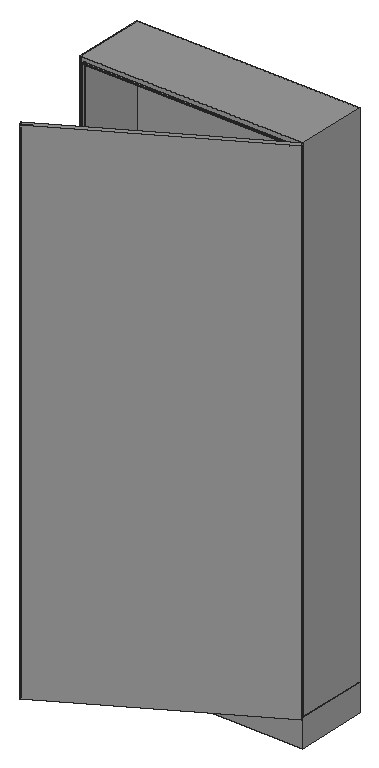
Revit family "Hager-Univers-IP55-D275-H1950-Cl.II-Steel_encl-NoHosted-PT-pt", category Electrical Equipment, Revit 2020
Family settings
  Panel Configuration = Two Columns, Circuits Across
  Round Connector Dimension = Use Diameter
  Part Type = Panelboard
  Work Plane-Based = Yes
  Always vertical = Yes
  Cut with Voids When Loaded = No
  Shared = No
  Room Calculation Point = No
Parameters (values of type "Instalação de piso IP55 L800 A1950 P275  - FR23S1")
  Width Control [instance] = if([EF000008 - Largura] > Min Width, [EF000008 - Largura], Min Width)  # 800 mm
  Type Comments = [HG000003 - Gama]  # "Univers"
  Thickness Door [instance] = if([EF009171 - Espessura do material da porta/tampa] > 3 mm, 3 mm, [EF009171 - Espessura do material da porta/tampa])  # 1.5 mm
  Seal Frame Offset [instance] = 17 mm  # constant formula
  Plinth Visibility [instance] = [HG000027 - Altura da Plinta] > 0 mm  # yes
  Min Width [instance] = 100 mm  # constant formula
  Min Depth [instance] = (2 * [EF009170 - Espessura do material do invólucro]) + 1 mm  # 4 mm
  Min Height [instance] = 100 mm  # constant formula
  Internal Frame Depth [instance] = (Door System Depth * 0.5)  # 9 mm
  Panel Name [instance] = ""  # (empty or 0)
  Model = ""
  HG000027 - Altura da Plinta = 100 mm
  HG000026 - Instalação no chão = yes
  HG000024 - Altura da secção inferior = 600 mm
  HG000023 - Recinto de secção dupla = no
  HG000016 - Visibilidade da porta 3D [instance] = yes
  HG000015 - Visibilidade através da porta [instance] = no
  HG000014 - Porta à direita [instance] = yes
  HG000013 - Porta à esquerda [instance] = not([HG000014 - Porta à direita])  # no
  HG000012 - Ângulo de abertura de porta [instance] = 30.00°
  HG000010 - Portas assimétricas = no
  HG000009 - Porta dupla = no
  HG000006 - Encastrado = no
  HG000004 - Referência do Fabricante = "FR23S1"
  HG000003 - Gama = "Univers"
  HG000002 - Com porta ou tampa = yes
  Frame Offset Bottom [instance] = 10 mm  # constant formula
  Frame Offset [instance] = 15 mm  # constant formula
  EF015940 - Tampa com libertação de sobrepressão = no
  EF011959 - Grau de proteção (NEMA) = ""
  EF009554 - Número de aberturas para placas de flange = 6
  EF009212 - Tipo de tampa = "EV000116 - Fechado"
  EF009171 - Espessura do material da porta/tampa = 1.5 mm
  EF009170 - Espessura do material do invólucro = 1.5 mm
  EF008873 - Corrente nominal (In) = 800 A
  EF007800 - Adequado para proteção contra raios = no
  EF006306 - Com fecho = no
  EF006244 - Tampa/porta transparente = no
  EF005474 - Grau de proteção (IP) = "EV006420 - IP55"
  EF004464 - Tipo de porta = "EV002646 - Único"
  EF004427 - Número de módulos = 432
  EF004293 - Força de impacto = "EV008784 - IK10"
  EF003532 - Adequado para uso no exterior = no
  EF002950 - Largura em número de módulos = 24
  EF001613 - Integridade do circuito = "EV000494 - Nenhum"
  EF001596 - Material do corpo = "EV000179 - Aço"
  EF001131 - Profundidade interior = 275 mm
  EF001088 - Extensão possível = yes
  EF000437 - Número de entradas de condutores = 6
  EF000339 - Tipo de difusor = "EV004216 - Porta"
  EF000266 - Número de linhas = 12
  EF000218 - Profundidade incorporada = 0 mm
  EF000118 - Com tampa de montagem = no
  EF000116 - Número RAL = "7035"
  EF000049 - Profundidade = 275 mm
  EF000040 - Altura = 1950 mm
  EF000008 - Largura = 800 mm
  EF000007 - Cor = "EV000270 - Cinzento"
  EF000003 - Método de montagem = "EV012274 - Instalação de piso"
  Door System Leaf Tolerance [instance] = 1.5 mm  # constant formula
  Door System Depth [instance] = 18 mm  # constant formula
  Door Height [instance] = Height Control - [HG000027 - Altura da Plinta]  # 1850 mm
  Description = ""
  Default Elevation = 1219.2 mm
  Connector Offset [instance] = Height Control / 2  # 975 mm
  Manufacturer = "Hager"  # constant formula
  Height Control [instance] = if([EF000040 - Altura] > Min Height, [EF000040 - Altura], Min Height)  # 1950 mm
  Depth Control [instance] = if([EF000049 - Profundidade] > Min Depth, [EF000049 - Profundidade], Min Depth)  # 275 mm
  Bottom Top Plate Trim [instance] = 1.5 mm  # constant formula
  Plinth height Ctrl [instance] = if([HG000027 - Altura da Plinta] > 0 mm, [HG000027 - Altura da Plinta], 12 mm)  # 100 mm
Types (11, lengths in mm): name | Width Control | HG000010 - Portas assimétricas | HG000009 - Porta dupla | HG000004 - Referência do Fabricante | EF009554 - Número de aberturas para placas de flange | EF006244 - Tampa/porta transparente | EF004464 - Tipo de porta | EF004427 - Número de módulos | EF000437 - Número de entradas de condutores | EF000008 - Largura
  Instalação de piso IP55 L1050 A1950 P275  - FR24L1 | 1050 | yes | yes | "FR24L1" | 8 | yes | "EV003602 - Duplo" | 576 | 8 | 1050
  Instalação de piso IP55 L1050 A1950 P275  - FR24S1 | 1050 | yes | yes | "FR24S1" | 8 | no | "EV003602 - Duplo" | 576 | 8 | 1050
  Instalação de piso IP55 L1300 A1950 P275  - FR25L1 | 1300 | yes | yes | "FR25L1" | 10 | yes | "EV003602 - Duplo" | 720 | 10 | 1300
  Instalação de piso IP55 L1300 A1950 P275  - FR25S1 | 1300 | yes | yes | "FR25S1" | 10 | no | "EV003602 - Duplo" | 720 | 10 | 1300
  Instalação de piso IP55 L1550 A1950 P275  - FR26L1 | 1550 | yes | yes | "FR26L1" | 12 | yes | "EV003602 - Duplo" | 864 | 12 | 1550
  Instalação de piso IP55 L1550 A1950 P275  - FR26S1 | 1550 | yes | yes | "FR26S1" | 12 | no | "EV003602 - Duplo" | 864 | 12 | 1550
  Instalação de piso IP55 L300 A1950 P275  - FR21S1 | 300 | no | no | "FR21S1" | 2 | no | "EV002646 - Único" | 144 | 2 | 300
  Instalação de piso IP55 L550 A1950 P275  - FR22L1 | 550 | no | no | "FR22L1" | 4 | yes | "EV002646 - Único" | 288 | 4 | 550
  Instalação de piso IP55 L550 A1950 P275  - FR22S1 | 550 | no | no | "FR22S1" | 4 | no | "EV002646 - Único" | 288 | 4 | 550
  Instalação de piso IP55 L800 A1950 P275  - FR23L1 | 800 | no | no | "FR23L1" | 6 | yes | "EV002646 - Único" | 432 | 6 | 800
  Instalação de piso IP55 L800 A1950 P275  - FR23S1 | 800 | no | no | "FR23S1" | 6 | no | "EV002646 - Único" | 432 | 6 | 800
Reference planes
  plane 1 "Center (Front/Back)": y = 0
  plane 2: z = 0
  plane 3 "Center (Left/Right)": x = 0
  plane 4: y = 0
  plane 5: y = 0
  plane 6: z = 0
  plane 7: x = -400
  plane 8: x = 400
  plane 9: x = 398.5
  plane 10: x = -398.5
  plane 11: z = 100
  plane 12: z = 101.5
  plane 13: y = -275
  plane 14: y = -1.5
  plane 15: x = 0
  plane 16: y = -257
  plane 17: y = -273.5
  plane 18: y = -255.5
  plane 19: x = -383.5
  plane 20: x = 383.5
  plane 21: z = 111.5
  plane 22: x = -383
  plane 23: x = 383
  plane 24: z = 100
  plane 25: z = 1950
  plane 26: z = 1950
  plane 27: z = 1933.5
  plane 28: z = 1948.5
Forms (mm)
  Extrusion 1, solid, material "Hager_Steel_RAL7035_Light_Grey", detail levels medium+fine
    sketch origin (-208.679, -4572, 100) x (-1, 0, 0) y (0, -1, 0)
      loop
        line (191.321, -4315) -> (-608.679, -4315) -> (-608.679, -4572) -> (191.321, -4572) -> (191.321, -4315)
    from 0 to 1850
  Extrusion 2, void
    sketch origin (-350.771, -275, 1219.2) x (1, 0, 0) y (0, 0, 1)
      loop
        line (-47.729, 729.3) -> (-47.729, -1117.7) -> (749.271, -1117.7) -> (749.271, 729.3) -> (-47.729, 729.3)
    from -19.5 to -273.5
  Extrusion 3, void
    sketch origin (-290.084, -257, 1219.2) x (1, 0, 0) y (0, 0, 1)
      loop
        line (-93.416, -1107.7) -> (673.584, -1107.7) -> (673.584, 714.3) -> (-93.416, 714.3) -> (-93.416, -1107.7)
    from 0 to -1.5
  Extrusion 4, solid, material "Hager_Steel_RAL7035_Light_Grey", visible <- "Plinth Visibility", detail levels medium+fine
    sketch origin (0, 0, 0) x (1, 0, 0) y (0, 1, 0)
      loop
        line (-400, 0) -> (-400, -257) -> (400, -257) -> (400, 0) -> (-400, 0)
    from 0 to 100 <- "Plinth height Ctrl"
  Extrusion 5, solid, material "Hager_Steel_RAL7035_Light_Grey", detail levels coarse
    sketch origin (0, 0, 0) x (1, 0, 0) y (0, 1, 0)
      loop
        line (-400, 0) -> (-400, -275) -> (400, -275) -> (400, 0) -> (-400, 0)
    from 0 to 1950 <- "Height Control"
  Sweep 6, void
    path in 3D
      loop
        line (-400, -257, 100) -> (400, -257, 100) -> (400, 0, 100) -> (-400, 0, 100) -> (-400, -257, 100)
    profile origin (-400, -128.5, 100) x (1, 0, 0) y (0, 0, 1)
      loop
        line (0, 0) -> (0, -1.5) -> (1.5, -1.5)
        arc (1.5, -1.5) -> (1.061, -0.439) -> (0, 0) r 1.5
  Extrusion 7, solid, material "Hager_Steel_RAL7035_Light_Grey", detail levels fine
    sketch origin (-400, -257, 100) x (1, 0, 0) y (0, 0, 1)
      loop
        line (16.5, 11.5) -> (783.5, 11.5) -> (783.5, 1833.5) -> (16.5, 1833.5) -> (16.5, 11.5)
      loop
        line (15, 10) -> (785, 10) -> (785, 1835) -> (15, 1835) -> (15, 10)
    from 0 to 9 <- "Internal Frame Depth"
Cuts and joins
  Extrusion 2, Extrusion 3 cuts Extrusion 1
  Sweep 6 cuts Extrusion 4
Lines and regions (mm)
  Masking region 1
    outline origin (0, 0, 0) x (1, 0, 0) y (0, 1, 0)
      loop
        line (-400, 0) -> (-400, -275) -> (400, -275) -> (400, 0) -> (-400, 0)
  Masking region 2, detail levels coarse
    outline origin (-290.084, -257, 1219.2) x (-1, 0, 0) y (0, 0, 1)
      loop
        line (-690.084, -1219.2) -> (109.916, -1219.2) -> (109.916, 730.8) -> (-690.084, 730.8) -> (-690.084, -1219.2)
  Masking region 3, detail levels coarse
    outline origin (0, 0, 0) x (0, 1, 0) y (0, 0, 1)
      loop
        line (0, 0) -> (0, 1950) -> (-275, 1950) -> (-275, 0) -> (0, 0)
  Masking region 4, visible <- "Plinth Visibility", detail levels medium+fine
    outline origin (0, 0, 0) x (0, 1, 0) y (0, 0, 1)
      loop
        line (-1.5, 100) -> (-255.5, 100)
        arc (-255.5, 100) -> (-255.939, 98.939) -> (-257, 98.5) r 1.5
        line (-257, 98.5) -> (-257, 0) -> (0, 0) -> (0, 98.5)
        arc (0, 98.5) -> (-1.061, 98.939) -> (-1.5, 100) r 1.5
  Masking region 5, detail levels medium+fine
    outline origin (0, 0, 594.038) x (0, 1, 0) y (0, 0, 1)
      loop
        line (0, -494.038) -> (0, 1355.962) -> (-257, 1355.962) -> (-257, -494.038) -> (0, -494.038)
  Masking region 6, detail levels medium+fine
    outline origin (-359.7, -257, 1211.883) x (-1, 0, 0) y (0, 0, 1)
      loop
        line (-759.7, -1111.883) -> (40.3, -1111.883) -> (40.3, 738.117) -> (-759.7, 738.117) -> (-759.7, -1111.883)
  Masking region 7, visible <- "Plinth Visibility", detail levels medium+fine
    outline origin (-320.334, -257, 1041.368) x (-1, 0, 0) y (0, 0, 1)
      loop
        line (-720.334, -1041.368) -> (79.666, -1041.368) -> (79.666, -942.868)
        arc (79.666, -942.868) -> (78.606, -942.429) -> (78.166, -941.368) r 1.5
        line (78.166, -941.368) -> (-718.834, -941.368)
        arc (-718.834, -941.368) -> (-719.273, -942.429) -> (-720.334, -942.868) r 1.5
        line (-720.334, -942.868) -> (-720.334, -1041.368)
  sketch lines
    curve 1: line (-400, 0, 100) -> (-400, -257, 100)
    curve 2: line (-400, -257, 100) -> (400, -257, 100)
    curve 3: line (400, 0, 100) -> (-400, 0, 100)
    curve 4: line (400, -257, 100) -> (400, 0, 100)
Dimensions and locks
  locked: plane 1 "Center (Front/Back)" to plane 5
  "EF009170 - Espessura do material do invólucro": plane 7 to plane 10
  "EF009170 - Espessura do material do invólucro": plane 8 to plane 9
  equal spacing: plane 7, plane 3 "Center (Left/Right)", plane 8
  "Width Control": plane 7 to plane 8
  "Depth Control": plane 4 to plane 13
  "EF009170 - Espessura do material do invólucro": plane 4 to plane 14
  "Height Control": plane 25 to level
  "HG000027 - Altura da Plinta": plane 11 to level
  "EF009170 - Espessura do material do invólucro": plane 12 to plane 11
  "EF009170 - Espessura do material do invólucro": plane 17 to plane 13
  "EF009170 - Espessura do material do invólucro": plane 18 to plane 16
  "Frame Offset Bottom": plane 21 to plane 12
  "Frame Offset": plane 10 to plane 19
  "Frame Offset": plane 9 to plane 20
  "Door System Depth": plane 16 to plane 13
  "Seal Frame Offset": plane 7 to plane 22
  "Seal Frame Offset": plane 8 to plane 23
  "EF009170 - Espessura do material do invólucro": plane 26 to plane 28
  "Frame Offset": plane 28 to plane 27
  "Connector Offset": plane 2 to connector elem
  "Bottom Top Plate Trim": profile plane to Sweep 6 sketch curve
  "Bottom Top Plate Trim": Sweep 6 sketch curve to Sweep 6 sketch curve
  "Plinth height Ctrl": Masking region 4 sketch curve to level
  "Plinth height Ctrl": Masking region 7 sketch curve to level
  "Thickness Door": Extrusion 7 sketch curve to Extrusion 7 sketch curve  (x4)
  "Bottom Top Plate Trim": radius of Sweep 6 sketch curve
  "Bottom Top Plate Trim": radius of Masking region 4 sketch curve  (x2)
  "Bottom Top Plate Trim": radius of Masking region 7 sketch curve  (x2)
  aligned and locked: Extrusion 2 sketch curve to plane 12
  aligned and locked: Extrusion 2 sketch curve to plane 9
  aligned and locked: Extrusion 2 sketch curve to plane 10
  aligned and locked: Extrusion 2 to plane 14
  aligned and locked: Extrusion 1 sketch curve to plane 4
  aligned and locked: plane 8 to Extrusion 1 sketch curve
  aligned and locked: plane 7 to Extrusion 1 sketch curve
  aligned and locked: Extrusion 2 to plane 18
  aligned and locked: Extrusion 3 sketch curve to plane 19
  aligned and locked: plane 20 to Extrusion 3 sketch curve
  aligned and locked: Extrusion 3 to Extrusion 2
  aligned and locked: Extrusion 3 sketch curve to plane 21
  aligned and locked: plane 3 "Center (Left/Right)" to nested 1
  aligned and locked: Extrusion 1 sketch curve to plane 16
  aligned and locked: Extrusion 4 sketch curve to cut or joined group of Extrusion 1, Extrusion 2, Extrusion 3
  aligned and locked: Masking region 1 sketch curve to plane 7
  aligned and locked: Masking region 1 sketch curve to plane 5
  aligned and locked: Masking region 1 sketch curve to plane 8
  aligned and locked: Masking region 2 sketch curve to level
  aligned and locked: level to Masking region 3 sketch curve
  aligned and locked: plane 1 "Center (Front/Back)" to Masking region 3 sketch curve
  aligned and locked: plane 13 to Masking region 3 sketch curve
  aligned and locked: plane 5 to Masking region 4 sketch curve
  aligned and locked: Masking region 2 sketch curve to plane 8
  aligned and locked: Masking region 2 sketch curve to plane 7
  aligned and locked: plane 7 to nested 2
  aligned and locked: nested 2 to plane 5
  aligned and locked: plane 5 to Masking region 5 sketch curve
  aligned and locked: plane 26 to Masking region 5 sketch curve
  aligned and locked: Extrusion 5 sketch curve to plane 8
  aligned and locked: Extrusion 5 sketch curve to plane 7
  aligned and locked: Extrusion 5 sketch curve to plane 5
  aligned and locked: Extrusion 3 sketch curve to plane 27
  aligned and locked: Extrusion 2 sketch curve to plane 28
  aligned and locked: Masking region 2 to plane 25
  aligned and locked: Extrusion 4 to plane 16
  aligned and locked: profile plane to Sweep 6 sketch curve
  aligned and locked: Masking region 5 sketch curve to plane 24
  aligned and locked: level to Masking region 4 sketch curve
  aligned and locked: Masking region 1 to plane 13
  aligned and locked: nested 1 to plane 16
  aligned and locked: Masking region 3 to plane 25
  aligned and locked: plane 16 to Masking region 4 sketch curve
  aligned and locked: Masking region 5 sketch curve to plane 16
  aligned and locked: plane 24 to plane 11
  aligned and locked: plane 26 to plane 25
  aligned and locked: plane 26 to cut or joined group of Extrusion 1, Extrusion 2, Extrusion 3
  aligned and locked: nested 1 to plane 24
  aligned and locked: Extrusion 1 to Extrusion 3
  aligned and locked: Masking region 6 sketch curve to plane 8
  aligned and locked: Masking region 6 sketch curve to plane 24
  aligned and locked: Masking region 6 sketch curve to plane 7
  aligned and locked: Masking region 6 sketch curve to plane 26
  aligned and locked: Masking region 7 sketch curve to plane 7
  aligned and locked: level to Masking region 7 sketch curve
  aligned and locked: Masking region 7 sketch curve to plane 8
  aligned and locked: Extrusion 7 sketch curve to cut or joined group of Extrusion 1, Extrusion 2, Extrusion 3  (x4)
Automatic sketch dimensions
  plane 19 to Extrusion 3 sketch curve = 0 mm
  Extrusion 3 sketch curve to plane 20 = 0 mm
  Extrusion 3 sketch curve to plane 21 = 0 mm
  Extrusion 4 sketch curve to plane 7 = 0 mm
  Extrusion 4 sketch curve to plane 8 = 0 mm
  Extrusion 4 sketch curve to plane 16 = 0 mm
  Masking region 1 sketch curve to plane 13 = 0 mm
  Masking region 2 sketch curve to plane 25 = 0 mm
  Masking region 3 sketch curve to plane 25 = 0 mm
  Extrusion 5 sketch curve to plane 13 = 0 mm
  profile plane to Sweep 6 sketch curve = 0 mm
Nested families
  nested 1: "EC000058_Univers_Door" at (0, -257, 100), Double <- "HG000009 - Porta dupla", Transparent <- "EF006244 - Tampa/porta transparente", Angle <- "HG000012 - Ângulo de abertura de porta", Door_Right <- "HG000014 - Porta à direita", Assymetrical <- "HG000010 - Portas assimétricas", Door <- "HG000002 - Com porta ou tampa", Width_Ctrl <- "Width Control", 3d_Door <- "HG000016 - Visibilidade da porta 3D", Clearance <- "HG000015 - Visibilidade através da porta", Door_Left <- "HG000013 - Porta à esquerda", Width <- "Width Control", Door_Depth <- "Door System Depth", Leaf_Tolerance <- "Door System Leaf Tolerance", Height <- "Door Height", Lock_Visibility <- "EF006306 - Com fecho", Thickness <- "Thickness Door", type "EC000058_Univers_Door", detail levels medium+fine
    with min_wh 4 mm, Width_Ctrl 800 mm, Width 800 mm, Transparent no, Thickness 1.5 mm, Seal_Material Hager_Rubber, Lock_Visibility no, Lock_Material Hager_Plastic_RAL9005_Jet_Black, Leaf_Width 800 mm, Leaf_Tolerance_External_Sides 0 mm, Leaf_Tolerance 1.5 mm, Leaf_Offset 0 mm, Leaf_Height 1847 mm, Leaf_2_Width 800 mm, Leaf_2_Offset 400 mm, Leaf_1_Width 800 mm, Leaf_1_Offset 400 mm, Height_Ctrl 1850 mm, Height 1850 mm, Glass_Material Hager_Glass, Double_Clearance_Ctrl no, Double no, Door_Right_Ctrl yes, Door_Right yes, Door_Material Hager_Steel_RAL7035_Light_Grey, Door_Left_Ctrl no, Door_Left no, Door_Depth 18 mm, Door yes, Clearance_Material Hager_Clearance, Clearance_Depth 800 mm, Clearance_Ctrl no, Clearance no, Assymetrical no, Angle 30.00°, 3d_Door yes
  nested 2: "Hager_Enclosure_Symbol" at (-400, 0, 0), Height <- "Depth Control", Width <- "Width Control", type "Hager_Enclosure_Symbol"
    with Width_Ctrl 800 mm, Width 800 mm, Height_Ctrl 275 mm, Height 275 mm, A_Width_Int 18.047 mm, A_Width 216.562 mm, A_Height_Ctrl 240.625 mm, A_Height 240.625 mm
Connectors
  electrical at (0, 0, 975)
    settings: on plane 1 "Center (Front/Back)", index 1, voltage 0 V, apparent load 0 VA, apparent load phase1 0 VA, apparent load phase2 0 VA, apparent load phase3 0 VA, power factor 1, load classification "Other", number of poles 1, system type 30, power factor state 1, is connector primary yes, connector utility no, sub classification motor no, connector description ""
Definition of nested family "EC000058_Univers_Door"
  Parameters (values of type "EC000058_Univers_Door")
    min_wh [instance] = (2 * Thickness) + 1 mm  # 11 mm
    Width_Ctrl [instance] = 400 mm
    Width [instance] = 500 mm
    Transparent [instance] = yes
    Thickness [instance] = 5 mm
    Seal_Material [instance] = none
    Lock_Visibility [instance] = yes
    Lock_Material [instance] = none
    Leaf_Width [instance] = if((Width_Ctrl - 2 * Leaf_Tolerance_External_Sides) > 0 mm, (Width_Ctrl - 2 * Leaf_Tolerance_External_Sides), min_wh)  # 400 mm
    Leaf_Tolerance_External_Sides [instance] = 0 mm  # constant formula
    Leaf_Tolerance [instance] = 1.5 mm
    Leaf_Offset [instance] = 0 mm  # constant formula
    Leaf_Height [instance] = if((Height_Ctrl - 2 * Leaf_Tolerance) > 0 mm, (Height_Ctrl - 2 * Leaf_Tolerance), min_wh)  # 497 mm
    Leaf_2_Width [instance] = if(and(and(Double, Assymetrical), Door_Left), (Leaf_Width / 3) - (Leaf_Tolerance / 2), if(and(and(Double, Assymetrical), Door_Right), (Leaf_Width / 3) * 2 - (Leaf_Tolerance / 2), if(and(Double, not(Assymetrical)), (Leaf_Width / 2) - Leaf_Tolerance, Leaf_Width)))  # 400 mm
    Leaf_2_Offset [instance] = if(and(Double, Assymetrical), Leaf_2_Width / 2, if(and(Double, not(Assymetrical)), Leaf_Width / 4, Leaf_Width / 2))  # 200 mm
    Leaf_1_Width [instance] = if(and(and(Double, Assymetrical), Door_Right), (Leaf_Width / 3) - (Leaf_Tolerance / 2), if(and(and(Double, Assymetrical), Door_Left), (Width / 3) * 2 - (Leaf_Tolerance / 2), if(and(Double, not(Assymetrical)), (Leaf_Width / 2) - Leaf_Tolerance, Leaf_Width)))  # 400 mm
    Leaf_1_Offset [instance] = if(and(Double, Assymetrical), Leaf_1_Width / 2, if(and(Double, not(Assymetrical)), Leaf_Width / 4, Leaf_Width / 2))  # 200 mm
    Height_Ctrl [instance] = if(Height > min_wh, Height, min_wh)  # 500 mm
    Height [instance] = 500 mm
    Glass_Material [instance] = none
    Double_Clearance_Ctrl [instance] = and(Double, Clearance)  # no
    Double [instance] = no
    Door_Right_Ctrl [instance] = and(or(Door_Right, Double), Door)  # yes
    Door_Right [instance] = yes
    Door_Material [instance] = none
    Door_Left_Ctrl [instance] = and(or(Door_Left, Double), Door)  # no
    Door_Left [instance] = no
    Door_Depth [instance] = 30 mm
    Door [instance] = yes
    Default Elevation = 1219.2 mm
    Clearance_Material [instance] = none
    Clearance_Depth [instance] = if(Leaf_1_Width > Leaf_2_Width, Leaf_1_Width, Leaf_2_Width)  # 400 mm
    Clearance_Ctrl [instance] = and(not(Double), Clearance)  # yes
    Clearance [instance] = yes
    Assymetrical [instance] = yes
    Angle [instance] = 30.00°
    3d_Door [instance] = yes
  Reference planes
    plane 1 "Center (Front/Back)": y = 0
    plane 2 "Bottom": z = 0
    plane 3 "Center (Left/Right)": x = 0
    plane 4: z = 500
    plane 5: x = -200
    plane 6: x = 200
    plane 7: z = 500
    plane 8: x = -200
    plane 9: z = 0
    plane 10: x = 200
    plane 11: y = 0
    plane 12: z = 1.5
    plane 13: x = -600
    plane 14: y = -400
    plane 15: x = 600
    plane 16: x = 0
    plane 17: x = 0
    plane 18: x = -200
    plane 19: x = 200
    plane 20: z = 498.5
  Forms (mm)
    Extrusion 1, solid, material <- "Clearance_Material", visible <- "Double_Clearance_Ctrl"
      sketch origin (1200, 0, 0) x (1, 0, 0) y (0, 0, -1)
        loop
          line (-1800, -498.5) -> (-600, -498.5) -> (-600, 0) -> (-1800, 0) -> (-1800, -498.5)
      from 0 to -400
  Dimensions and locks
    equal spacing: plane 5, plane 3 "Center (Left/Right)", plane 6
    "Width_Ctrl": plane 5 to plane 6
    "Leaf_Offset": plane 5 to plane 8
    "Leaf_Offset": plane 6 to plane 10
    "Leaf_Offset": plane 9 to level
    "Leaf_Offset": plane 4 to plane 7
    "Height_Ctrl": plane 4 to level
    "Leaf_Tolerance": plane 12 to plane 9
    locked: plane 11 to plane 1 "Center (Front/Back)"
    "Leaf_1_Offset": plane 18 to plane 16
    "Leaf_2_Offset": plane 17 to plane 19
    "Leaf_1_Width": plane 13 to plane 8
    "Leaf_2_Width": plane 10 to plane 15
    "Clearance_Depth": plane 14 to plane 1 "Center (Front/Back)"
    "Leaf_Tolerance_External_Sides": plane 8 to plane 18
    "Leaf_Tolerance_External_Sides": plane 19 to plane 10
    "Leaf_Tolerance": plane 7 to plane 20
    aligned and locked: level to plane 2 "Bottom"
    aligned and locked: nested 1 to plane 16
    aligned and locked: nested 2 to plane 17
    aligned and locked: Extrusion 1 to plane 13
    aligned and locked: plane 15 to Extrusion 1
    aligned and locked: Extrusion 1 to plane 14
    aligned and locked: plane 12 to nested 1
    aligned and locked: nested 2 to plane 12
    aligned and locked: Extrusion 1 to plane 11
    aligned and locked: plane 20 to Extrusion 1
    aligned and locked: nested 2 to plane 11
    aligned and locked: nested 1 to plane 11
  Automatic sketch dimensions
    Extrusion 1 sketch curve to level = 0 mm
    plane 5 to Extrusion 1 sketch curve = 400 mm
    plane 6 to Extrusion 1 sketch curve = 400 mm
    Extrusion 1 sketch curve to plane 4 = 1.5 mm
  Nested families
    nested 1: "EC000058_Univers_Door_Leaf" at (0, 0, 1.5), Width <- "Leaf_1_Width", visible <- "Door_Left_Ctrl", Leaf_Height <- "Leaf_Height", Angle <- "Angle", 3d_Door <- "3d_Door", Transparent <- "Transparent", Clearance Material <- "Clearance_Material", Clearance <- "Clearance_Ctrl", Door_Material <- "Door_Material", Glass_Material <- "Glass_Material", Door_Depth <- "Door_Depth", Lock_Material <- "Lock_Material", Seal_Material <- "Seal_Material", Lock_Visibility <- "Lock_Visibility", Thickness <- "Thickness", type "EC000058_Univers_Door_Leaf"
      with Width 400 mm, Transparent_Glass_Offset 30 mm, Transparent_Ctrl yes, Transparent yes, Thickness 5 mm, Standard no, Seal_Material none, Seal_D2 8 mm, Seal_D1 1 mm, Offset_Internal_Frame 10 mm, Lock_Width 20 mm, Lock_Visibility_3d yes, Lock_Visibility yes, Lock_Thickness_3 3 mm, Lock_Thickness_2 1 mm, Lock_Thickness_1 3 mm, Lock_Radius_Offset_2 16 mm, Lock_Radius_Offset_1 15 mm, Lock_Radius_2 5 mm, Lock_Radius 6 mm, Lock_Offset 5 mm, Lock_Material none, Lock_Height 80 mm, Lock_Cover_Top_Offset_2d 17 mm, Lock_Cover_Height -65 mm, Leaf_Height 497 mm, Internal_Seal_Thickness 8 mm, Internal_Seal_Depth_2 4.5 mm, Internal_Frame_Depth 25 mm, Glass_Thickness -1 mm, Glass_Offset -2 mm, Glass_Material none, Door_Material none, Door_Depth 30 mm, Clearance Material none, Clearance yes, Angle_Ctrl 30.00°, Angle 30.00°, 3d_Door yes
    nested 2: "EC000058_Univers_Door_Leaf" at (0, 0, 1.5) x (-1, 0, 0) z (0, 0, 1), Width <- "Leaf_2_Width", visible <- "Door_Right_Ctrl", Leaf_Height <- "Leaf_Height", Angle <- "Angle", 3d_Door <- "3d_Door", Transparent <- "Transparent", Clearance Material <- "Clearance_Material", Clearance <- "Clearance_Ctrl", Door_Material <- "Door_Material", Glass_Material <- "Glass_Material", Door_Depth <- "Door_Depth", Lock_Material <- "Lock_Material", Seal_Material <- "Seal_Material", Lock_Visibility <- "Lock_Visibility", Thickness <- "Thickness", type "EC000058_Univers_Door_Leaf"
      with Width 400 mm, Transparent_Glass_Offset 30 mm, Transparent_Ctrl yes, Transparent yes, Thickness 5 mm, Standard no, Seal_Material none, Seal_D2 8 mm, Seal_D1 1 mm, Offset_Internal_Frame 10 mm, Lock_Width 20 mm, Lock_Visibility_3d yes, Lock_Visibility yes, Lock_Thickness_3 3 mm, Lock_Thickness_2 1 mm, Lock_Thickness_1 3 mm, Lock_Radius_Offset_2 16 mm, Lock_Radius_Offset_1 15 mm, Lock_Radius_2 5 mm, Lock_Radius 6 mm, Lock_Offset 5 mm, Lock_Material none, Lock_Height 80 mm, Lock_Cover_Top_Offset_2d 17 mm, Lock_Cover_Height -65 mm, Leaf_Height 497 mm, Internal_Seal_Thickness 8 mm, Internal_Seal_Depth_2 4.5 mm, Internal_Frame_Depth 25 mm, Glass_Thickness -1 mm, Glass_Offset -2 mm, Glass_Material none, Door_Material none, Door_Depth 30 mm, Clearance Material none, Clearance yes, Angle_Ctrl 30.00°, Angle 30.00°, 3d_Door yes
  Definition of nested family "EC000058_Univers_Door_Leaf"
    Parameters (values of type "EC000058_Univers_Door_Leaf")
      Width [instance] = 2000 mm
      Transparent_Glass_Offset [instance] = 30 mm
      Transparent_Ctrl [instance] = and(Transparent, [3d_Door])  # yes
      Transparent [instance] = yes
      Thickness [instance] = 5 mm
      Standard [instance] = and(not(Transparent), [3d_Door])  # no
      Seal_Material [instance] = none
      Seal_D2 [instance] = 8 mm  # constant formula
      Seal_D1 [instance] = 1 mm  # constant formula
      Offset_Internal_Frame [instance] = 10 mm  # constant formula
      Lock_Width [instance] = 20 mm  # constant formula
      Lock_Visibility_3d [instance] = and(Lock_Visibility, [3d_Door])  # yes
      Lock_Visibility [instance] = yes
      Lock_Thickness_3 [instance] = 3 mm  # constant formula
      Lock_Thickness_2 [instance] = 1 mm  # constant formula
      Lock_Thickness_1 [instance] = 3 mm  # constant formula
      Lock_Radius_Offset_2 [instance] = Lock_Radius_Offset_1 + 1 mm  # 16 mm
      Lock_Radius_Offset_1 [instance] = 15 mm  # constant formula
      Lock_Radius_2 [instance] = Lock_Radius - 1 mm  # 5 mm
      Lock_Radius [instance] = 6 mm  # constant formula
      Lock_Offset [instance] = 5 mm  # constant formula
      Lock_Material [instance] = none
      Lock_Height [instance] = 80 mm  # constant formula
      Lock_Cover_Top_Offset_2d [instance] = Lock_Radius_Offset_2 + 1 mm  # 17 mm
      Lock_Cover_Height [instance] = -(Lock_Height - Lock_Radius_Offset_1)  # -65 mm
      Leaf_Height [instance] = 2720.336 mm
      Internal_Seal_Thickness [instance] = 8 mm  # constant formula
      Internal_Seal_Depth_2 [instance] = 4.5 mm  # constant formula
      Internal_Frame_Depth [instance] = if(Door_Depth - Thickness > 5 mm, Door_Depth - Thickness, 5 mm)  # 25 mm
      Glass_Thickness [instance] = if(Thickness > 15 mm, Glass_Offset + 10 mm, -1 mm)  # -1 mm
      Glass_Offset [instance] = if(Thickness > 15 mm, -(Thickness + 10 mm) / 2, -2 mm)  # -2 mm
      Glass_Material [instance] = none
      Door_Material [instance] = none
      Door_Depth [instance] = 30 mm
      Default Elevation = 0 mm
      Clearance Material [instance] = none
      Clearance [instance] = yes
      Angle_Ctrl [instance] = if(Angle > 180.00°, 180.00°, Angle)  # 90.00°
      Angle [instance] = 90.00°
      3d_Door [instance] = yes
    Reference planes
      plane 1 "Center (Front/Back)": y = 0
      plane 2: z = 0
      plane 3 "Center (Left/Right)": x = 0
      plane 4: y = 2000
      plane 5: x = -1000
      plane 6: x = 1000
      plane 7: x = -3000
      plane 8: z = 2720.336
      plane 9: z = 30
      plane 10: z = 2690.336
      plane 11: x = 970
      plane 12: x = -970
      plane 13: y = -3
      plane 14: z = 107.833
      plane 15: y = -5
      plane 16: y = -223.314
      plane 17: x = -1000
      plane 18: z = 1360.168
      plane 19: y = 30
    Forms (mm)
      Extrusion 1, solid, material <- "Clearance Material", visible <- "Clearance"
        sketch origin (0, 0, 0) x (1, 0, 0) y (0, 0, 1)
          loop
            line (-3000, 2720.336) -> (-3000, 0) -> (1000, 0) -> (1000, 2720.336) -> (-3000, 2720.336)
        from 0 to -2000
      Extrusion 2, solid, material <- "Door_Material", visible <- "Standard", detail levels medium+fine
        sketch origin (-1000, 0, 0) x (0, 1, 0) y (-1, 0, 0)
          loop
            line (0, 30) -> (0, 25) -> (2000, 25) -> (2000, 30) -> (0, 30)
        from 0 to 2720.336 <- "Leaf_Height"
      Extrusion 3, solid, material <- "Door_Material", visible <- "Transparent_Ctrl", detail levels medium+fine
        sketch origin (-1000, 0, 0) x (0, 1, 0) y (-1, 0, 0)
          loop
            line (0, 25) -> (2000, 25) -> (2000, 30) -> (0, 30) -> (0, 25)
        from 0 to 2720.336 <- "Leaf_Height"
      Extrusion 4, void
        sketch origin (-1025, 2000, 0) x (0, 1, 0) y (0, 0, -1)
          loop
            line (-30, -2690.336) -> (-30, -30) -> (-1970, -30) -> (-1970, -2690.336) -> (-30, -2690.336)
        from 0 to 5 <- "Thickness"
      Sweep 5, solid, material <- "Seal_Material", visible <- "Transparent_Ctrl", detail levels fine
        path in 3D
          loop
            line (-1025, 30, 30) -> (-1025, 30, 2690.336) -> (-1025, 1970, 2690.336) -> (-1025, 1970, 30) -> (-1025, 30, 30)
        profile origin (-1025, 1000, 30) x (1, 0, 0) y (0, 0, 1)
          loop
            line (0, 0) -> (0, -8) -> (1, -8) -> (1, 0) -> (0, 0)
      Extrusion 6, solid, material <- "Glass_Material", visible <- "Transparent_Ctrl", detail levels medium+fine
        sketch origin (-1030, 0, 0) x (0, 1, 0) y (0, 0, -1)
          loop
            line (1970, -2690.336) -> (1970, -30) -> (30, -30) -> (30, -2690.336) -> (1970, -2690.336)
        from -2 <- "Glass_Offset" to -1 <- "Glass_Thickness"
      Extrusion 7, solid, material <- "Door_Material", visible <- "3d_Door", detail levels medium+fine
        sketch origin (-1025, 2000, 0) x (0, -1, 0) y (0, 0, -1)
          loop
            line (0, -2720.336) -> (2000, -2720.336) -> (2000, 0) -> (0, 0) -> (0, -2720.336)
          loop
            line (1995, -5) -> (5, -5) -> (5, -2715.336) -> (1995, -2715.336) -> (1995, -5)
        from 0 to 25 <- "Internal_Frame_Depth"
      Sweep 8, solid, material <- "Seal_Material", visible <- "Transparent_Ctrl", detail levels fine
        path in 3D
          loop
            line (-1025, 0, 0) -> (-1025, 2000, 0) -> (-1025, 2000, 2720.336) -> (-1025, 0, 2720.336) -> (-1025, 0, 0)
        profile origin (-1025, 0, 1360.168) x (1, 0, 0) y (0, 1, 0)
          loop
            line (0, 10) -> (2.975, 10)
            arc (2.975, 10) -> (4.053, 10.447) -> (4.5, 11.525) r 1.525
            line (4.5, 11.525) -> (4.5, 16.527)
            arc (4.5, 16.527) -> (4.069, 17.569) -> (3.027, 18) r 1.473
            line (3.027, 18) -> (0, 18) -> (0, 10)
      Extrusion 9, solid, material <- "Lock_Material", visible <- "Lock_Visibility_3d", detail levels fine
        sketch origin (-1030, 0, 0) x (0, 1, 0) y (0, 0, -1)
          loop
            arc (1993.5, -1400.168) -> (1994.561, -1399.729) -> (1995, -1398.668) r 1.5
            line (1995, -1398.668) -> (1995, -1320.168) -> (1975, -1320.168) -> (1975, -1398.668)
            arc (1975, -1398.668) -> (1975.439, -1399.729) -> (1976.5, -1400.168) r 1.5
            line (1976.5, -1400.168) -> (1993.5, -1400.168)
        from 3 <- "Lock_Thickness_1" to 0
      Blend 10, solid, material <- "Lock_Material", visible <- "Lock_Visibility_3d", detail levels fine
        base sketch origin (-1033, 0, 0) x (0, 1, 0) y (0, 0, -1)
          loop
            line (1975, -1320.168) -> (1975, -1398.668)
            arc (1975, -1398.668) -> (1975.439, -1399.729) -> (1976.5, -1400.168) r 1.5
            line (1976.5, -1400.168) -> (1993.5, -1400.168)
            arc (1993.5, -1400.168) -> (1994.561, -1399.729) -> (1995, -1398.668) r 1.5
            line (1995, -1398.668) -> (1995, -1320.168) -> (1975, -1320.168)
        top sketch origin (-1033, 0, 0) x (0, 1, 0) y (0, 0, -1)
          loop
            line (1976, -1320.168) -> (1976, -1398.668)
            arc (1976, -1398.668) -> (1976.146, -1399.022) -> (1976.5, -1399.168) r 0.5
            line (1976.5, -1399.168) -> (1993.5, -1399.168)
            arc (1993.5, -1399.168) -> (1993.854, -1399.022) -> (1994, -1398.668) r 0.5
            line (1994, -1398.668) -> (1994, -1320.168) -> (1976, -1320.168)
        from 0 to 1 <- "Lock_Thickness_2"
      Blend 11, solid, material <- "Lock_Material", visible <- "Lock_Visibility_3d", detail levels fine
        base sketch origin (-1034, 0, 0) x (0, 1, 0) y (0, 0, -1)
          loop
            line (1978, -1320.168) -> (1978, -1384.168)
            arc (1978, -1384.168) -> (1985, -1391.168) -> (1992, -1384.168) r 7
            line (1992, -1384.168) -> (1992, -1320.168) -> (1978, -1320.168)
        top sketch origin (-1034, 0, 0) x (0, 1, 0) y (0, 0, -1)
          loop
            line (1991, -1320.168) -> (1979, -1320.168) -> (1979, -1383.168)
            arc (1979, -1383.168) -> (1985, -1389.168) -> (1991, -1383.168) r 6
            line (1991, -1383.168) -> (1991, -1320.168)
        from 0 to 3 <- "Lock_Thickness_3"
      Extrusion 12, solid, material <- "Lock_Material", visible <- "Lock_Visibility_3d", detail levels fine
        sketch origin (-1030, 1975, 1320.168) x (1, 0, 0) y (0, -1, 0)
          loop
            line (-7, -19) -> (-7, -1) -> (0, -1) -> (0, 0) -> (-8, 0) -> (-8, -20) -> (0, -20) -> (0, -19) -> (-7, -19)
        from 0 to -65 <- "Lock_Cover_Height"
      Extrusion 13, void
        sketch origin (-1038, 1995, 1320.168) x (-1, 0, 0) y (0, 0, -1)
          loop
            line (-5, -65) -> (0, -65) -> (-5, -60) -> (-5, -65)
        from 0 to 20 <- "Lock_Width"
      Extrusion 14, void
        sketch origin (-1038, 1975, 1320.168) x (0, -1, 0) y (0, 0, -1)
          loop
            circle (-10, -15.995) r 6
          loop
            circle (-10, -15.995) r 5
        from 0 to 2
      Extrusion 15, solid, material <- "Lock_Material", visible <- "Lock_Visibility_3d", detail levels medium
        sketch origin (-1030, 0, 0) x (0, 1, 0) y (0, 0, -1)
          loop
            arc (1993.5, -1400.168) -> (1994.561, -1399.729) -> (1995, -1398.668) r 1.5
            line (1995, -1398.668) -> (1995, -1320.168) -> (1975, -1320.168) -> (1975, -1398.668)
            arc (1975, -1398.668) -> (1975.439, -1399.729) -> (1976.5, -1400.168) r 1.5
            line (1976.5, -1400.168) -> (1993.5, -1400.168)
        from 8 to 0
    Cuts and joins
      Extrusion 4 cuts Extrusion 3
      Extrusion 13, Extrusion 14 cuts Extrusion 9
      Extrusion 14 cuts Blend 11
      Extrusion 13, Extrusion 14 cuts Extrusion 12
      joined: Extrusion 9, Blend 10, Blend 11, Extrusion 12
      Extrusion 14 cuts Extrusion 15
    Lines and regions (mm)
      Masking region 1, visible <- "Lock_Visibility", detail levels fine
        outline origin (0, 0, 0) x (0, 1, 0) y (0, 0, 1)
          loop
            line (30, 1320.168) -> (33, 1320.168) -> (33, 1400.168) -> (30, 1400.168) -> (30, 1320.168)
      Masking region 2, visible <- "Lock_Visibility", detail levels fine
        outline origin (0, 3.143, 0) x (0, 1, 0) y (0, 0, 1)
          loop
            line (29.857, 1354.168) -> (30.857, 1354.168) -> (30.857, 1366.168) -> (29.857, 1366.168) -> (29.857, 1354.168)
      Masking region 3, detail levels medium+fine
        outline origin (0, 0, 0) x (0, 1, 0) y (0, 0, 1)
          loop
            line (0, 0) -> (30, 0) -> (30, 2720.336) -> (0, 2720.336) -> (0, 0)
      Masking region 4, detail levels medium+fine
        outline origin (0, 0, 0) x (1, 0, 0) y (0, 0, 1)
          loop
            line (-1000, 2720.336) -> (-1000, 0) -> (1000, 0) -> (1000, 2720.336) -> (-1000, 2720.336)
      Masking region 5, visible <- "Lock_Visibility", detail levels fine
        outline origin (-47.116, 0, 0) x (1, 0, 0) y (0, 0, 1)
          loop
            arc (1024.616, 1399.168) -> (1023.556, 1398.729) -> (1023.116, 1397.668) r 1.5
            line (1023.116, 1397.668) -> (1023.116, 1320.168) -> (1041.116, 1320.168) -> (1041.116, 1397.668)
            arc (1041.116, 1397.668) -> (1040.677, 1398.729) -> (1039.616, 1399.168) r 1.5
            line (1039.616, 1399.168) -> (1024.616, 1399.168)
      Masking region 6, visible <- "Lock_Visibility", detail levels medium+fine
        outline origin (-25, 0, 0) x (1, 0, 0) y (0, 0, 1)
          loop
            arc (1001.5, 1400.168) -> (1000.439, 1399.729) -> (1000, 1398.668) r 1.5
            line (1000, 1398.668) -> (1000, 1320.168) -> (1020, 1320.168) -> (1020, 1398.668)
            arc (1020, 1398.668) -> (1019.561, 1399.729) -> (1018.5, 1400.168) r 1.5
            line (1018.5, 1400.168) -> (1001.5, 1400.168)
      Masking region 7, visible <- "Lock_Visibility", detail levels fine
        outline origin (-73.735, 0, 0) x (1, 0, 0) y (0, 0, 1)
          loop
            line (1051.735, 1382.168) -> (1065.735, 1382.168) -> (1065.735, 1384.168)
            arc (1065.735, 1384.168) -> (1058.735, 1391.168) -> (1051.735, 1384.168) r 7
            line (1051.735, 1384.168) -> (1051.735, 1382.168)
      Masking region 8, visible <- "Lock_Visibility", detail levels fine
        outline origin (-73.735, 0, 0) x (1, 0, 0) y (0, 0, 1)
          loop
            line (1052.735, 1382.168) -> (1064.735, 1382.168) -> (1064.735, 1383.168)
            arc (1064.735, 1383.168) -> (1058.735, 1389.168) -> (1052.735, 1383.168) r 6
            line (1052.735, 1383.168) -> (1052.735, 1382.168)
      Masking region 9, visible <- "Lock_Visibility", detail levels fine
        outline origin (-25, 0, 0) x (1, 0, 0) y (0, 0, 1)
          loop
            line (1020, 1320.168) -> (1020, 1382.168) -> (1000, 1382.168) -> (1000, 1320.168) -> (1020, 1320.168)
      Masking region 10, detail levels medium+fine
        outline origin (0, 0, 0) x (1, 0, 0) y (0, 0, 1)
          loop
            circle (985, 1335.144) r 6
      Masking region 11, detail levels fine
        outline origin (0, 0, 0) x (1, 0, 0) y (0, 0, 1)
          loop
            circle (985, 1335.144) r 5
      Masking region 12, visible <- "Lock_Visibility", detail levels fine
        outline origin (0, 12.767, 0) x (0, 1, 0) y (0, 0, 1)
          loop
            line (20.233, 1320.168) -> (21.233, 1320.168) -> (21.233, 1399.168) -> (20.233, 1400.168) -> (20.233, 1320.168)
      Masking region 13, visible <- "Lock_Visibility", detail levels fine
        outline origin (0, 13.767, -10) x (0, 1, 0) y (0, 0, 1)
          loop
            line (20.233, 1330.168) -> (23.233, 1330.168) -> (23.233, 1399.168) -> (20.233, 1402.168) -> (20.233, 1330.168)
      Masking region 14, visible <- "Lock_Visibility", detail levels fine
        outline origin (0, 12.767, -10) x (0, 1, 0) y (0, 0, 1)
          loop
            line (20.233, 1330.168) -> (25.233, 1330.168) -> (25.233, 1399.305) -> (20.233, 1394.305) -> (20.233, 1330.168)
      Masking region 15, visible <- "Lock_Visibility", detail levels medium
        outline origin (0, 0, 0) x (0, 1, 0) y (0, 0, 1)
          loop
            line (30, 1320.168) -> (38, 1320.168) -> (38, 1400.168) -> (30, 1400.168) -> (30, 1320.168)
      Masking region 16, visible <- "Lock_Visibility", detail levels fine
        outline origin (-1000, 0, 0) x (0, 1, 0) y (-1, 0, 0)
          loop
            line (1975, 30) -> (1995, 30) -> (1995, 38) -> (1975, 38) -> (1975, 30)
          loop
            line (1979, 37) -> (1976, 37) -> (1976, 34) -> (1978, 34) -> (1979, 37)
          loop
            line (1994, 37) -> (1991, 37) -> (1992, 34) -> (1994, 34) -> (1994, 37)
      Masking region 17, visible <- "Lock_Visibility", detail levels medium
        outline origin (-1000, 0, 0) x (0, 1, 0) y (-1, 0, 0)
          loop
            line (1975, 30) -> (1995, 30) -> (1995, 38) -> (1975, 38) -> (1975, 30)
      symbolic lines
        curve 1: line (1000, 0, 0) -> (-3000, 0, 0)
        curve 2: arc (1000, 0, 0) -> (-1000, 2000, 0) -> (-3000, 0, 0) r 2000
        curve 4: line (-1030, 0, 0) -> (-1030, 2000, 0)
      reference lines
        curve 3: line (-1000, 0, 0) -> (-1000, 2000, 0)
      symbolic lines, detail levels medium+fine
        curve 5: line (-1030, 2000, 0) -> (-1025, 2000, 0)
        curve 7: line (-1025, 0, 0) -> (-1030, 0, 0)
        curve 8: line (-1025, 0, 0) -> (-1000, 0, 0)
        curve 9: line (-1000, 0, 0) -> (-1000, 2000, 0)
        curve 10: line (-1000, 2000, 0) -> (-1025, 2000, 0)
      symbolic lines, detail levels fine
        curve 6: line (-1025, 2000, 0) -> (-1025, 0, 0)
      sketch lines
        curve 11: line (-1025, 0, 2720.336) -> (-1025, 0, 0)
        curve 12: line (-1025, 2000, 0) -> (-1025, 0, 0)
        curve 13: line (-1025, 2000, 2720.336) -> (-1025, 2000, 0)
        curve 14: line (-1025, 0, 2720.336) -> (-1025, 2000, 2720.336)
        curve 15: line (-1025, 1970, 30) -> (-1025, 30, 30)
        curve 16: line (-1025, 30, 30) -> (-1025, 30, 2690.336)
        curve 17: line (-1025, 1970, 2690.336) -> (-1025, 1970, 30)
        curve 18: line (-1025, 30, 2690.336) -> (-1025, 1970, 2690.336)
      symbolic lines, visible <- "Transparent", detail levels medium+fine
        curve 19: line (-970, 0, 2690.336) -> (970, 0, 2690.336)
        curve 20: line (-970, 0, 30) -> (-970, 0, 2690.336)
        curve 21: line (970, 0, 30) -> (-970, 0, 30)
        curve 22: line (970, 0, 2690.336) -> (970, 0, 30)
    Dimensions and locks
      "Width": plane 1 "Center (Front/Back)" to plane 4
      equal spacing: plane 5, plane 3 "Center (Left/Right)", plane 6
      "Width": plane 5 to plane 6
      "Width": plane 7 to plane 5
      "Leaf_Height": plane 8 to level
      "Width": curve 5 to curve 3
      "Width": curve 3 to curve 3
      plane 8 to plane 10 = 30 mm
      plane 9 to level = 30 mm
      plane 12 to plane 5 = 30 mm
      plane 6 to plane 11 = 30 mm
      Extrusion 1 to Extrusion 4 sketch curve = 30 mm
      "Transparent_Glass_Offset": curve 3 to Extrusion 4 sketch curve
      "Transparent_Glass_Offset": Extrusion 4 sketch curve to cut or joined group of Extrusion 3, Extrusion 4  (x2)
      cut or joined group of Extrusion 3, Extrusion 4 to Extrusion 6 sketch curve = 30 mm
      "Transparent_Glass_Offset": cut or joined group of Extrusion 3, Extrusion 4 to Extrusion 4 sketch curve
      "Thickness": curve 6 to curve 4
      "Thickness": Extrusion 7 sketch curve to Extrusion 7 sketch curve  (x4)
      "Door_Depth": curve 4 to curve 3
      "Offset_Internal_Frame": profile plane to Sweep 8 sketch curve
      "Internal_Seal_Thickness": Sweep 8 sketch curve to Sweep 8 sketch curve
      "Internal_Seal_Depth_2": profile plane to Sweep 8 sketch curve
      "Seal_D1": profile plane to Sweep 5 sketch curve
      "Seal_D2": profile plane to Sweep 5 sketch curve
      "Thickness": Extrusion 2 sketch curve to Extrusion 2 sketch curve
      equal spacing: Extrusion 9 sketch curve, plane 18, Extrusion 9 sketch curve  (x2)
      equal spacing: Masking region 1 sketch curve, plane 18, Masking region 1 sketch curve
      "Lock_Height": Masking region 1 sketch curve to Masking region 1 sketch curve
      "Lock_Radius": Masking region 2 sketch curve to plane 18 to Masking region 2 sketch curve
      Masking region 2 sketch curve to Masking region 1 = 1 mm
      "Door_Depth": plane 19 to plane 1 "Center (Front/Back)"
      "Lock_Thickness_1": Masking region 1 sketch curve to plane 19
      "Lock_Width": Extrusion 9 sketch curve to Extrusion 9 sketch curve
      "Lock_Height": Extrusion 9 sketch curve to Extrusion 9 sketch curve
      "Lock_Offset": cut or joined group of Extrusion 3, Extrusion 4 to Extrusion 9 sketch curve
      equal spacing: plane 8, plane 18, level
      "Lock_Radius_Offset_1": Blend 11 sketch curve to Blend 10
      locked: Blend 10 to Blend 11 sketch curve at 2  (x2)
      locked: var sketch to Blend 11 sketch curve at 1  (x2)
      "Lock_Radius_Offset_2": Blend 11 sketch curve to Blend 10
      locked: Extrusion 12 sketch curve to Extrusion 12 sketch curve at 1  (x3)
      Masking region 6 sketch curve to Masking region 6 sketch curve = 80 mm
      "Lock_Height": Masking region 6 sketch curve to Masking region 6 sketch curve
      "Lock_Width": Masking region 6 sketch curve to Masking region 6 sketch curve
      locked: Masking region 6 to Masking region 5 sketch curve at 1  (x3)
      locked: Masking region 5 to Masking region 7 sketch curve at 2  (x2)
      "Lock_Radius_Offset_1": Masking region 5 to Masking region 7 sketch curve
      "Lock_Radius_Offset_2": Masking region 5 to Masking region 8 sketch curve
      locked: Masking region 7 to Masking region 8 sketch curve at 1  (x2)
      "Lock_Cover_Top_Offset_2d": Masking region 5 to Masking region 9 sketch curve
      equal spacing: Masking region 9, Masking region 10 sketch curve, Masking region 9
      equal spacing: Masking region 9, Masking region 11 sketch curve, Masking region 9
      Extrusion 15 sketch curve to Extrusion 15 sketch curve = 80 mm
      "Lock_Width": Extrusion 15 sketch curve to Extrusion 15 sketch curve
      "Lock_Height": Extrusion 15 sketch curve to Extrusion 15 sketch curve
      equal spacing: Extrusion 15 sketch curve, plane 18, Extrusion 15 sketch curve
      "Lock_Thickness_3": Masking region 13 sketch curve to Masking region 13 sketch curve
      "Lock_Height": Masking region 12 sketch curve to Masking region 12 sketch curve
      locked: Masking region 13 sketch curve to Masking region 1 at 8
      locked: Masking region 14 sketch curve to Masking region 13 at 1
      locked: Masking region 14 sketch curve to Masking region 1 at 10.863
      "Lock_Height": Masking region 15 sketch curve to Masking region 15 sketch curve
      "Lock_Offset": Extrusion 15 sketch curve to cut or joined group of Extrusion 3, Extrusion 4
      "Lock_Offset": plane 6 to Masking region 6 sketch curve
      radius of Sweep 8 sketch curve = 1.525 mm
      radius of Sweep 8 sketch curve = 1.473 mm
      radius of Extrusion 9 sketch curve = 1.5 mm  (x2)
      "Lock_Radius": radius of Extrusion 14 sketch curve
      "Lock_Radius_2": radius of Extrusion 14 sketch curve
      "Lock_Radius": radius of Masking region 10 sketch curve
      "Lock_Radius_2": radius of Masking region 11 sketch curve
      radius of Extrusion 15 sketch curve = 1.5 mm  (x2)
      "Angle_Ctrl": angle plane 1 "Center (Front/Back)" to curve 3
      locked: Masking region 12 sketch curve to Masking region 12 sketch curve (angle 45.00°)
      locked: Masking region 13 sketch curve to Masking region 13 sketch curve (angle 45.00°)
      locked: Masking region 14 sketch curve to Masking region 14 sketch curve (angle 45.00°)
      aligned and locked: level to plane 2
      aligned and locked: Extrusion 1 to curve 1
      aligned and locked: plane 6 to Extrusion 1
      aligned and locked: Extrusion 1 to plane 1 "Center (Front/Back)"
      aligned and locked: plane 4 to Extrusion 1
      aligned and locked: plane 8 to Extrusion 1
      aligned and locked: curve 7 to Extrusion 2 sketch curve
      aligned and locked: curve 5 to Extrusion 2 sketch curve
      aligned and locked: curve 7 to Extrusion 3 sketch curve
      aligned and locked: Extrusion 3 sketch curve to curve 4
      aligned and locked: Extrusion 3 sketch curve to curve 6
      aligned and locked: Extrusion 3 sketch curve to curve 5
      aligned and locked: curve 9 to curve 3
      aligned and locked: Extrusion 7 sketch curve to cut or joined group of Extrusion 3, Extrusion 4  (x4)
      aligned and locked: plane 17 to curve 3
      aligned and locked: plane 1 "Center (Front/Back)" to curve 3
      aligned and locked: plane 17 to plane 5
      aligned and locked: Sweep 8 sketch curve to profile plane
      aligned and locked: Sweep 5 sketch curve to profile plane  (x2)
      aligned and locked: Masking region 1 to Masking region 2 sketch curve
      aligned and locked: plane 19 to Masking region 1 sketch curve
      aligned and locked: plane 1 "Center (Front/Back)" to Masking region 3 sketch curve
      aligned and locked: plane 19 to Masking region 3 sketch curve
      aligned and locked: level to Masking region 3 sketch curve
      aligned and locked: Masking region 3 sketch curve to plane 8
      aligned and locked: plane 17 to Masking region 4 sketch curve
      aligned and locked: level to Masking region 4 sketch curve
      aligned and locked: Masking region 4 sketch curve to plane 8
      aligned and locked: plane 12 to curve 20
      aligned and locked: plane 10 to curve 19
      aligned and locked: plane 11 to curve 22
      aligned and locked: curve 21 to plane 9
      aligned and locked: Extrusion 2 sketch curve to cut or joined group of Extrusion 3, Extrusion 4
      aligned and locked: Blend 10 sketch curve to Extrusion 9  (x4)
      aligned and locked: Extrusion 9 to Blend 10 sketch curve
      aligned and locked: Blend 10 to Blend 11 sketch curve
      aligned and locked: Extrusion 12 sketch curve to Blend 11
      aligned and locked: Extrusion 12 sketch curve to Extrusion 9  (x4)
      aligned and locked: Masking region 5 sketch curve to Masking region 6
      aligned and locked: Masking region 9 sketch curve to Masking region 6  (x3)
      aligned and locked: Masking region 12 sketch curve to Masking region 1
      aligned and locked: Masking region 13 sketch curve to Masking region 1
      aligned and locked: Masking region 12 to Masking region 14
      aligned and locked: Masking region 14 sketch curve to Masking region 1
      aligned and locked: Masking region 15 sketch curve to Masking region 14
      aligned and locked: Masking region 13 sketch curve to Masking region 12
      aligned and locked: Masking region 16 sketch curve to cut or joined group of Extrusion 14, Extrusion 15  (x4)
      aligned and locked: Masking region 16 sketch curve to cut or joined group of Extrusion 9, Blend 10, Blend 11, Extrusion 12, Extrusion 13, Extrusion 14  (x6)
      aligned and locked: cut or joined group of Extrusion 9, Blend 10, Blend 11, Extrusion 12, Extrusion 13, Extrusion 14 to Masking region 16 sketch curve
      aligned and locked: Masking region 17 sketch curve to cut or joined group of Extrusion 14, Extrusion 15  (x3)
      aligned and locked: Masking region 17 sketch curve to cut or joined group of Extrusion 9, Blend 10, Blend 11, Extrusion 12, Extrusion 13, Extrusion 14
      aligned and locked: Masking region 9 to Masking region 8 sketch curve
      aligned and locked: Masking region 9 to Masking region 7 sketch curve
    Automatic sketch dimensions
      plane 1 "Center (Front/Back)" to curve 2 = 0 mm
      curve 2 to plane 5 = 0 mm
      Extrusion 1 sketch curve to level = 0 mm
      Extrusion 1 sketch curve to plane 7 = 0 mm
      Extrusion 1 sketch curve to plane 6 = 0 mm
      Extrusion 1 sketch curve to plane 8 = 0 mm
      Extrusion 3 to Extrusion 6 sketch curve = 30 mm  (x4)
      Masking region 4 sketch curve to plane 6 = 0 mm
      Blend 10 sketch curve to Extrusion 9 = 1.5 mm
      Blend 10 sketch curve to Extrusion 9 = 1 mm
      Extrusion 13 sketch curve to Extrusion 12 = 0 mm  (x2)
      Extrusion 12 to Extrusion 13 sketch curve = 3 mm
      Extrusion 13 sketch curve to Extrusion 12 = 5 mm
      Extrusion 14 sketch curve to Extrusion 14 sketch curve = 0 mm  (x2)
      Extrusion 14 sketch curve to Extrusion 12 = 10 mm
      Extrusion 14 sketch curve to Extrusion 12 = 15.995 mm
      Masking region 5 sketch curve to Masking region 5 sketch curve = 1.5 mm  (x2)
      Masking region 10 sketch curve to plane 18 = 25.024 mm
      Masking region 11 sketch curve to plane 18 = 25.024 mm
      plane 19 to Masking region 14 sketch curve = 3 mm
      Masking region 16 sketch curve to Masking region 16 sketch curve = 3 mm
      curve 4 to curve 3 = 0 mm
      Blend 10 to Blend 11 sketch curve = 0 mm
      Masking region 6 sketch curve to Masking region 6 sketch curve = 1.5 mm  (x2)
      Masking region 6 sketch curve to plane 18 = 40 mm
      plane 19 to Masking region 12 sketch curve = 3 mm
      Masking region 12 sketch curve to Masking region 12 sketch curve = 1 mm
      Masking region 15 sketch curve to plane 19 = 0 mm
      Masking region 15 sketch curve to plane 18 = 40 mm
      radius of Blend 10 sketch curve to Extrusion 9 = 1 mm
Definition of nested family "Hager_Enclosure_Symbol"
  Parameters (values of type "Hager_Enclosure_Symbol")
    Width_Ctrl [instance] = if(Width > 1 mm, Width, 1 mm)  # 102.27 mm
    Width [instance] = 102.27 mm
    Height_Ctrl [instance] = if(Height > 1 mm, Height, 1 mm)  # 66.5 mm
    A_Width_Int [instance] = if(A_Width / 12 > 2 mm, A_Width / 12, 2 mm)  # 4.364 mm
    A_Width [instance] = if(A_Height_Ctrl * 0.9 > 2 mm, A_Height_Ctrl * 0.9, 2 mm)  # 52.369 mm
    A_Height_Ctrl [instance] = if(A_Height > 2 mm, A_Height, 2 mm)  # 58.188 mm
    Height [instance] = 66.5 mm
    A_Height [instance] = Height - (Height / 8)  # 58.188 mm
  Reference planes
    plane 1 "Centre (avant/arrière)": y = 0
    plane 2: z = 0
    plane 3 "Centre (gauche/droite)": x = 0
    plane 4: x = 52.369
    plane 5: y = 33.042
    plane 6: y = 41.77
    plane 7: y = 66.5
    plane 8: x = 26.184
    plane 9: y = 37.406
    plane 10: x = 102.27
    plane 11: y = 66.5
    plane 12: y = 8.313
  Lines and regions (mm)
    Filled region 1, type "Solid_Black", in view "Niveau de réf."
      outline origin (0, 0, 0) x (1, 0, 0) y (0, 1, 0)
        loop
          line (52.369, 66.5) -> (33.188, 54.536) -> (45.365, 45.006) -> (52.369, 66.5)
    Filled region 2, type "Solid_Black", in view "Niveau de réf."
      outline origin (0, 0, 0) x (1, 0, 0) y (0, 1, 0)
        loop
          line (0, 0) -> (102.27, 0) -> (102.27, 66.5) -> (0, 0)
    detail lines, in view "Niveau de réf."
      curve 1: line (0, 8.313, 0) -> (26.184, 41.77, 0)
      curve 2: line (26.184, 41.77, 0) -> (26.184, 33.042, 0)
      curve 3: line (26.184, 33.042, 0) -> (52.369, 66.5, 0)
  Dimensions and locks
    "A_Width": plane 3 "Centre (gauche/droite)" to plane 4
    equal spacing: plane 3 "Centre (gauche/droite)", plane 8, plane 4
    equal spacing: plane 6, plane 9, plane 5
    equal spacing: curve 3, Filled region 1 sketch curve, Filled region 1 sketch curve
    "Height_Ctrl": plane 1 "Centre (avant/arrière)" to plane 11
    "A_Height_Ctrl": plane 11 to plane 12
    equal spacing: plane 11, plane 9, plane 12
    "A_Width_Int": plane 6 to plane 9
    "Width_Ctrl": plane 3 "Centre (gauche/droite)" to plane 10
    angle Filled region 1 sketch curve to curve 3 = 20.00°
    angle curve 3 to Filled region 1 sketch curve = 20.00°
    locked: curve 3 to Filled region 1 sketch curve (angle 90.00°)
    aligned and locked: plane 10 to Filled region 2
    aligned and locked: plane 11 to Filled region 2 sketch curve
    aligned and locked: plane 10 to Filled region 2 sketch curve
    aligned and locked: plane 3 "Centre (gauche/droite)" to curve 1
    aligned and locked: plane 12 to curve 1
    aligned and locked: plane 7 to plane 11
  Automatic sketch dimensions
    Filled region 1 sketch curve to plane 4 = 0 mm
    Filled region 1 sketch curve to plane 7 = 0 mm
    plane 1 "Centre (avant/arrière)" to Filled region 2 sketch curve = 0 mm
    Filled region 2 sketch curve to plane 3 "Centre (gauche/droite)" = 0 mm
    curve 2 to plane 6 = 0 mm
    curve 2 to plane 8 = 0 mm
    curve 3 to plane 4 = 0 mm
    curve 2 to plane 5 = 0 mm
    curve 3 to plane 7 = 0 mm
